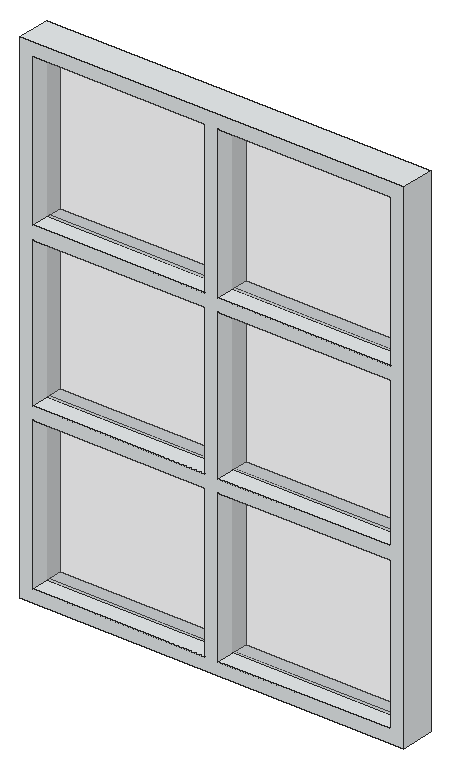
Revit family "CT_Janela_Painel_6Vid_Sime", category Windows, host Wall, Revit 2025
Family settings
  Host = Wall
  OmniClass Number = 23.30.20.00
  OmniClass Title = Windows
  Always vertical = Yes
  Cut with Voids When Loaded = No
  Shared = No
  Room Calculation Point = Yes
Parameters (values of type "JAN_FAC_6PA_SIM")
  Material_Vidro = CT_Vidros
  Material_Esquadria = CT_Esquadrias_Aluminio
  Height = 2.950 m
  Espess_Esquadria = 0.075 m
  Define Thermal Properties by = Schematic Type
  Default Sill Height = 0.800 m
  Wall Closure = By host
  Width = 2.250 m
  Analytic Construction = "<None>"
  Alt_Bandeira_Sup = 1.000 m
  Alt_Bandeira_Inf = 1.000 m
Reference planes (m)
  plane 1 "Center (Front/Back)": y = 0
  plane 2 "Center (Left/Right)": x = 0
  plane 3 "Left": x = -1.125
  plane 4 "Right": x = 1.125
  plane 5 "Sill": z = 0.8
  plane 6 "Head": z = 3.75
  plane 7 "Exterior": y = 0.1
  plane 8 "Interior": y = -0.1
  plane 9: z = 2.75
  plane 10: z = 1.8
Forms (m)
  Extrusion 1, solid, material "CT_Esquadrias_Aluminio" <- "Material_Esquadria"
    sketch origin (0, 0.1, 0) x (1, 0, 0) y (0, 0, 1)
      loop
        line (1.125, 3.75) -> (-1.125, 3.75) -> (-1.125, 0.8) -> (1.125, 0.8) -> (1.125, 3.75)
      loop
        line (1.05, 3.675) -> (0.0375, 3.675) -> (0.0375, 2.7875) -> (1.05, 2.7875) -> (1.05, 3.675)
      loop
        line (1.05, 0.875) -> (1.05, 1.7625) -> (0.0375, 1.7625) -> (0.0375, 0.875) -> (1.05, 0.875)
      loop
        line (-1.05, 0.875) -> (-0.0375, 0.875) -> (-0.0375, 1.7625) -> (-1.05, 1.7625) -> (-1.05, 0.875)
      loop
        line (-1.05, 3.675) -> (-1.05, 2.7875) -> (-0.0375, 2.7875) -> (-0.0375, 3.675) -> (-1.05, 3.675)
      loop
        line (-1.05, 2.7125) -> (-1.05, 1.8375) -> (-0.0375, 1.8375) -> (-0.0375, 2.7125) -> (-1.05, 2.7125)
      loop
        line (0.0375, 2.7125) -> (0.0375, 1.8375) -> (1.05, 1.8375) -> (1.05, 2.7125) -> (0.0375, 2.7125)
    from 0 to 0.2
  Extrusion 2, solid, material "CT_Vidros" <- "Material_Vidro"
    sketch origin (0, 0.1, 0) x (1, 0, 0) y (0, 0, 1)
      loop
        line (1.05, 3.675) -> (0.0375, 3.675) -> (0.0375, 2.7875) -> (1.05, 2.7875) -> (1.05, 3.675)
      loop
        line (-0.0375, 2.7875) -> (-0.0375, 3.675) -> (-1.05, 3.675) -> (-1.05, 2.7875) -> (-0.0375, 2.7875)
      loop
        line (-0.0375, 2.7125) -> (-1.05, 2.7125) -> (-1.05, 1.8375) -> (-0.0375, 1.8375) -> (-0.0375, 2.7125)
      loop
        line (1.05, 2.7125) -> (0.0375, 2.7125) -> (0.0375, 1.8375) -> (1.05, 1.8375) -> (1.05, 2.7125)
      loop
        line (1.05, 1.7625) -> (0.0375, 1.7625) -> (0.0375, 0.875) -> (1.05, 0.875) -> (1.05, 1.7625)
      loop
        line (-0.0375, 1.7625) -> (-1.05, 1.7625) -> (-1.05, 0.875) -> (-0.0375, 0.875) -> (-0.0375, 1.7625)
    from 0.081039 to 0.1
Lines and regions (m)
  Opening 1
    outline origin (3.5, -0.1, 0) x (1, 0, 0) y (0, 0, 1)
      loop
        line (-2.375, 0.8) -> (-2.375, 3.75) -> (-4.625, 3.75) -> (-4.625, 0.8) -> (-2.375, 0.8)
Text (m)
  text "EXTERIOR" at (-1.963203, 1.332353, 0), in view "Ref. Level"
  text "INTERIOR" at (-1.981466, -0.818386, 0), in view "Ref. Level"
  text "Exterior" at (0, 0.923751, 2.943296), in view "Right"
  text "Exterior" at (0, 1.040484, 2.685409), in view "Left"
Dimensions and locks (m)
  equal spacing: plane 3 "Left", plane 2 "Center (Left/Right)", plane 4 "Right"
  "Width": plane 3 "Left" to plane 4 "Right"
  "Height": plane 5 "Sill" to plane 6 "Head"
  "Default Sill Height": plane 5 "Sill" to level
  locked: plane 7 "Exterior" to host wall
  locked: plane 8 "Interior" to host wall
  "Alt_Bandeira_Sup": plane 9 to plane 6 "Head"
  "Alt_Bandeira_Inf": plane 5 "Sill" to plane 10
  Extrusion 1 to Extrusion 1 = 0.075 m
  equal spacing: Extrusion 1 sketch curve, plane 2 "Center (Left/Right)", Extrusion 1 sketch curve
  equal spacing: Extrusion 1 sketch curve, plane 9, Extrusion 1 sketch curve
  equal spacing: Extrusion 1 sketch curve, plane 10, Extrusion 1 sketch curve
  Extrusion 1 sketch curve to Extrusion 1 sketch curve = 0.075 m  (x2)
  "Espess_Esquadria": Extrusion 1 sketch curve to Extrusion 1 sketch curve  (x7)
  Extrusion 1 to Extrusion 2 = 0.100 m
  locked: Extrusion 2 to Extrusion 2 at 0.018961
  aligned and locked: Extrusion 1 sketch curve to Extrusion 1 sketch curve  (x14)
  aligned and locked: plane 3 "Left" to Extrusion 1
  aligned and locked: Extrusion 1 to plane 4 "Right"
  aligned and locked: Extrusion 2 sketch curve to Extrusion 1  (x24)
  aligned and locked: host wall to Extrusion 1  (x2)
  aligned and locked: Extrusion 2 to host wall
Automatic sketch dimensions
  Opening 1 sketch curve to plane 3 "Left" = 0.000 m
  Opening 1 sketch curve to plane 4 "Right" = 0.000 m
  Opening 1 sketch curve to plane 5 "Sill" = 0.000 m
  Opening 1 sketch curve to plane 6 "Head" = 0.000 m
  plane 9 to Extrusion 2 sketch curve = 0.0375 m
  Extrusion 1 sketch curve to plane 3 "Left" = 0.000 m
  Extrusion 1 sketch curve to plane 4 "Right" = 0.000 m
  Extrusion 1 sketch curve to plane 5 "Sill" = 0.000 m
  Extrusion 1 sketch curve to plane 6 "Head" = 0.000 m
